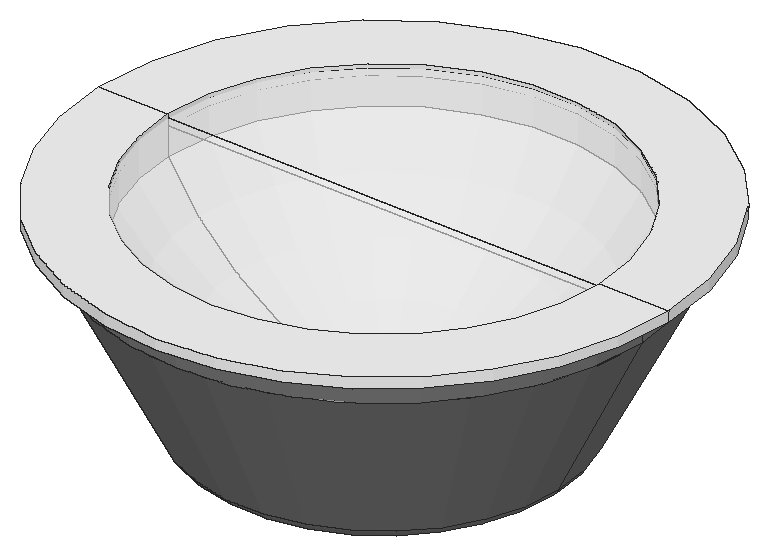
Revit family "30535", category Lighting Fixtures, host Face, Revit 2018
Family settings
  Host = Face
  Round Connector Dimension = Use Diameter
  Part Type = Normal
  OmniClass Number = 23.80.70.00
  OmniClass Title = Lighting
  Cut with Voids When Loaded = No
  Light Source = Yes
  Shared = No
  Room Calculation Point = No
Parameters (values of type "0030535 INSAVER SL U19 IP44 DALI 150 1200LM 840 ")
  WidthBezel_SYL = if(Size1_SYL, 20 mm, if(Size2_SYL, 20 mm, if(Size3PIR_SYL, 30 mm, if(Size4_SYL, 20 mm, 20 mm))))  # 20 mm
  Weight = "n/a"
  Wattage Comments = ""
  Wattage = 12 W
  WarrantyStartDate [instance] = "n/a"
  WarrantyGuarantorParts = "n/a"
  WarrantyDurationUnit = "n/a"
  WarrantyDurationParts = ""
  WarrantyDescription = "http://www.sylvania-lighting.com"
  built-in parameter 1150110 = 1 (stored number, unit not read)
  Voltage = 230 V
  VisibilityPIR_SYL = Size3PIR_SYL  # no
  URL = "0.97"
  TypeName = "Insaver Slim UGR19 IP44 DALI 150 1200lm 840"
  Type Image = <None>
  Type Comments = "n/a"
  built-in parameter 1114217 = 1 (stored number, unit not read)
  Tilt Angle = -90.00°
  built-in parameter 1150109 = 1 (stored number, unit not read)
  built-in parameter 1150134 = (empty or 0)
  built-in parameter 1150113 = 1 (stored number, unit not read)
  Size4_SYL = no
  Size3PIR_SYL = no
  Size2_SYL = no
  Size1_SYL = yes
  SerialNumber [instance] = "n/a"
  RadiusTop_SYL = 6 mm
  RadiusReflector_SYL = if(Size1_SYL, 85 mm, if(Size2_SYL, 85 mm, if(Size3PIR_SYL, 85 mm, if(Size4_SYL, 100 mm, 120 mm))))  # 85 mm
  Photometric Web File = "0030535.IES"
  Material_3_FEILO = Top-Sylvania-STARTDownlight
  PowerFactor = 0.9
  PowerConsumption = "Lighting"
  NominalLength = 165 mm
  NominalHeight = 50 mm
  NominalDepth = 165 mm
  Name = "Insaver Slim UGR19 IP44 DALI 150 1200lm 840"
  ModelReference = Name  # "Insaver Slim UGR19 IP44 DALI 150 1200lm 840"
  ModelNumber = "0030535"
  Model = Name  # "Insaver Slim UGR19 IP44 DALI 150 1200lm 840"
  Material = "Feilo Sylvania"
  ManufacturerName = "126 lm/W"
  Manufacturer = ""
  LuminousEfficacy = ""
  built-in parameter 1150105 = 31.446 (stored number, unit not read)
  Lumens = 395.16 lm
  LuminaireType = "0"
  built-in parameter 1150115 = 1 (stored number, unit not read)
  LightOutputRatio = "LED"
  built-in parameter 1150137 = (empty or 0)
  built-in parameter 1150139 = (empty or 0)
  LampsType = Lamp  # "n/a"
  LampNominalLuminous = "4000 K"
  LampMacAdamStep = "80"
  LampColourTemperature = "LED"
  LampColourRenderingIndex = "16500"
  built-in parameter 1150112 = 1 (stored number, unit not read)
  built-in parameter 1150114 = 1 (stored number, unit not read)
  Lamp = "n/a"
  Keynote = "n/a"
  InstallationDate [instance] = "n/a"
  InputVoltage = "0"
  InputNominalFrequency = "4000"
  built-in parameter 1150132 = (empty or 0)
  built-in parameter 1150102 = (empty or 0)
  built-in parameter 1150107 = 3000 (stored number, unit not read)
  built-in parameter 1150138 = (empty or 0)
  IngressProtection = "IfcLightFixtureType"
  ImpactProtectionIndex = "IfcLightFixtureType"
  built-in parameter 1150106 = 0.31446 (stored number, unit not read)
  IfcExportType = "IfcLightFixtureType"
  IfcExportAs = "Class II"
  Height_SYL = if(Size1_SYL, 61 mm, if(Size2_SYL, 61 mm, if(Size3PIR_SYL, 61 mm, if(Size4_SYL, 61 mm, 60 mm))))  # 61 mm
  HeightBezel_SYL = if(Size1_SYL, 3 mm, if(Size2_SYL, 3 mm, if(Size3PIR_SYL, 3 mm, if(Size4_SYL, 3.2 mm, 3 mm))))  # 3 mm
  ExpectedLife = 50000
  Emit from Circle Diameter = Diameter_SYL - 40 mm  # 125 mm
  Emit Shape Visible in Rendering = no
  ElectricShockClassification = "126"
  built-in parameter 1150104 = 3.0593 (stored number, unit not read)
  DurationUnit = "hours"
  DocumentationLiterature = "http://www.sylvania-lighting.com/product/en-int/products/0030535"
  DimmingControlOptions = "n/a"
  Material_2_FEILO = Diffuser-Sylvania-STARTDownlight
  Dimming Lamp Color Temperature Shift = <None>
  Diameter_SYL = if(Size1_SYL, 165 mm, if(Size2_SYL, 190 mm, if(Size3PIR_SYL, 211 mm, if(Size4_SYL, 220 mm, 240 mm))))  # 165 mm
  DiameterTop_SYL = if(Size1_SYL, 98 mm, if(Size2_SYL, 122 mm, if(Size3PIR_SYL, 120 mm, if(Size4_SYL, 135 mm, 158 mm))))  # 98 mm
  DiameterTopBase_SYL = DiameterRecess_SYL  # 150 mm
  DiameterRecess_SYL = if(Size1_SYL, 150 mm, if(Size2_SYL, 170 mm, if(Size3PIR_SYL, 186 mm, if(Size4_SYL, 200 mm, 225 mm))))  # 150 mm
  Description = "Insaver Slim is a ceiling recessed LED downlight (IP44 from the front),Die-cast aluminium body, loop in loop out connector for quick installation, Dimmable DALI driver of TRIDONIC (LCA 17W 250–700mA one4all SR PRE 28000670), 9.5W; 1200lm; 126lm/W; 4000K; UGR <19 with shallow product depth 50mm. Meets TP(a) requirements."
  Default Elevation = 1219.2 mm
  CreatedOn = "05/03/2024"
  CreatedBy = "@sylvania-lighting.com"
  Cost = 0
  Color Filter = 16777215
  built-in parameter 1114216 [instance] = (empty or 0)
  ClassificationValue = "EF_70_80"
  ClassificationName = "Uniclass2015"
  Material_1_FEILO = Trim-Sylvania-STARTDownlight-White
  BarCode [instance] = "n/a"
  built-in parameter 1114218 = 1 (stored number, unit not read)
  built-in parameter 1150133 = 10 (stored number, unit not read)
  AssetType = "Fixed"
  AssetIdentifier [instance] = "n/a"
  Assembly Code = "D5020200"
  Apparent Load = 9.5 VA
  Material_4_FEILO = LED-Sylvania-STARTDownlight
Reference planes
  plane 1 "Center (Front/Back)": y = 0
  plane 2: z = 0
  plane 3 "Center (Left/Right)": x = 0
  plane 4: x = 82.5
  plane 5: x = -82.5
  plane 6: z = 3
  plane 7: z = -8
  plane 8: z = -58
  plane 9: x = -75
  plane 10: x = 75
  plane 11: x = -49
  plane 12: x = 49
  plane 13: z = -85
  plane 14: x = -62.5
  plane 15: z = 2
  plane 16: z = -46
  plane 17: x = -16
  plane 18: x = -67.5
  plane 19: x = -81.5
  plane 20: x = -99.5
  plane 21: x = -76.5
  plane 22: z = 5.5
  plane 23: z = 8.7
  plane 24: x = -75.5
  plane 25: z = 13.7
Forms (mm)
  Revolve 1, void
    sketch origin (0, 0, 0) x (1, 0, 0) y (0, 0, 1)
      loop
        line (0, 0) -> (-75, 0) -> (-75, -85) -> (0, -85) -> (0, 0)
      axis (0, 0) -> (0, -85)
    angle from 360 to 0
  Revolve 2, solid, material "Trim-Sylvania-STARTDownlight-White" <- "Material_1_FEILO"
    sketch origin (0, 0, 0) x (1, 0, 0) y (0, 0, 1)
      loop
        line (-62.5, 3) -> (-82.5, 3) -> (-82.5, 0) -> (-75, 0) -> (-75, -8) -> (-50.681, -54.768)
        arc (-50.681, -54.768) -> (-48.471, -57.129) -> (-45.357, -58) r 6
        line (-45.357, -58) -> (0, -58) -> (0, -46) -> (-16, -46)
        arc (-16, -46) -> (-42.718, -31.243) -> (-62.5, -8) r 85
        line (-62.5, -8) -> (-62.5, 3)
      axis (0, 3) -> (0, -58)
    angle from 360 to 0
  Revolve 3, solid, material "Diffuser-Sylvania-STARTDownlight" <- "Material_2_FEILO"
    sketch origin (0, 0, 0) x (1, 0, 0) y (0, 0, 1)
      loop
        line (-62.5, 0) -> (0, 0) -> (0, 2) -> (-62.5, 2) -> (-62.5, 0)
      axis (0, 2) -> (0, 0)
    angle from 360 to 0
  Revolve 4, solid, material "Trim-Sylvania-STARTDownlight-White" <- "Material_1_FEILO", visible <- "VisibilityPIR_SYL"
    sketch origin (0, 0, 0) x (1, 0, 0) y (0, 0, 1)
      loop
        line (-67.5, 3) -> (-67.5, 13.7)
        arc (-67.5, 13.7) -> (-72.217, 12.347) -> (-75.5, 8.7) r 8.9
        line (-75.5, 8.7) -> (-75.5, 5.5) -> (-76.5, 5.5) -> (-76.5, 3) -> (-67.5, 3)
      axis (-67.5, 13.7) -> (-67.5, 3)
    angle from 360 to 0
Dimensions and locks
  equal spacing: plane 4, plane 3 "Center (Left/Right)", plane 5
  "Diameter_SYL": plane 4 to plane 5
  equal spacing: plane 10, plane 3 "Center (Left/Right)", plane 9
  equal spacing: plane 12, plane 3 "Center (Left/Right)", plane 11
  "DiameterTop_SYL": plane 12 to plane 11
  "HeightBezel_SYL": plane 6 to plane 2
  "Height_SYL": plane 6 to plane 8
  locked: plane 2 to plane 7 at 8
  locked: plane 2 to plane 13 at 85
  "WidthBezel_SYL": plane 14 to plane 5
  locked: plane 6 to plane 15 at 1
  "DiameterRecess_SYL": plane 10 to plane 9
  locked: plane 3 "Center (Left/Right)" to plane 17 at 16
  locked: plane 16 to plane 8 at 12
  locked: plane 18 to plane 21 at 9
  locked: plane 22 to plane 6 at 2.5
  locked: plane 23 to plane 22 at 3.2
  locked: plane 18 to plane 24 at 8
  locked: plane 25 to plane 23 at 5
  locked: plane 25 to Revolve 4 sketch curve at 8.9
  locked: plane 18 to plane 5 at 15
  "RadiusReflector_SYL": radius of Revolve 2 sketch curve
  "RadiusTop_SYL": radius of Revolve 2 sketch curve
  aligned and locked: plane 2 to host face
  aligned and locked: level to host face
  aligned and locked: Revolve 1 sketch curve to plane 3 "Center (Left/Right)"
  aligned and locked: plane 3 "Center (Left/Right)" to Revolve 1 sketch curve
  aligned and locked: Revolve 1 sketch curve to plane 9
  aligned and locked: plane 13 to Revolve 1 sketch curve
  aligned and locked: plane 3 "Center (Left/Right)" to imposter light
  aligned and locked: imposter light to plane 15
  aligned and locked: imposter light to plane 1 "Center (Front/Back)"
  aligned and locked: Revolve 2 sketch curve to plane 3 "Center (Left/Right)"
  aligned and locked: Revolve 2 sketch curve to plane 6
  aligned and locked: Revolve 2 sketch curve to plane 5
  aligned and locked: Revolve 2 sketch curve to level
  aligned and locked: plane 7 to Revolve 2 sketch curve  (x2)
  aligned and locked: Revolve 2 sketch curve to plane 9
  aligned and locked: plane 8 to Revolve 2 sketch curve
  aligned and locked: Revolve 2 sketch curve to plane 14
  aligned and locked: plane 3 "Center (Left/Right)" to Revolve 2 sketch curve
  aligned and locked: Revolve 2 sketch curve to plane 16
  aligned and locked: Revolve 3 sketch curve to plane 3 "Center (Left/Right)"
  aligned and locked: Revolve 3 sketch curve to level
  aligned and locked: imposter light to Revolve 3 sketch curve  (x2)
  aligned and locked: Revolve 4 sketch curve to plane 18  (x2)
  aligned and locked: Revolve 4 sketch curve to plane 6
  aligned and locked: plane 22 to Revolve 4 sketch curve
  aligned and locked: plane 24 to Revolve 4 sketch curve
  aligned and locked: Revolve 4 sketch curve to Revolve 4 sketch curve
  aligned and locked: plane 21 to Revolve 4 sketch curve
Automatic sketch dimensions
  host sketch curve to host sketch curve = 2438.4 mm  (x2)
  plane 13 to Revolve 1 sketch curve = 524.6 mm
  Revolve 1 sketch curve to plane 6 = 2606.058 mm
  Revolve 1 sketch curve to level = 0 mm
  Revolve 2 sketch curve to plane 17 = 0 mm
  Revolve 2 sketch curve to plane 11 = 1.681 mm
  plane 11 to Revolve 2 sketch curve = 3.643 mm
  plane 13 to Revolve 2 sketch curve = 524.6 mm
  Revolve 2 sketch curve to Revolve 2 sketch curve = 2577.983 mm
  Revolve 3 sketch curve to plane 14 = 0 mm
  plane 13 to Revolve 3 sketch curve = 524.6 mm
  Revolve 3 sketch curve to plane 6 = 2606.058 mm
  Revolve 4 sketch curve to plane 23 = 0 mm
  plane 13 to Revolve 4 sketch curve = 524.6 mm
  Revolve 4 sketch curve to Revolve 4 sketch curve = 2595.358 mm
Connectors
  electrical at (0, 0, 0), driven by "Apparent Load", driven by "PowerFactor", driven by "Voltage"
    settings: index 1, voltage 230 V, apparent load 9.5 VA, apparent load phase1 0 VA, apparent load phase2 0 VA, apparent load phase3 0 VA, power factor 0.9, load classification "Lighting", number of poles 1, system type 30, power factor state 1, is connector primary yes, connector utility no, sub classification motor no, connector description ""
